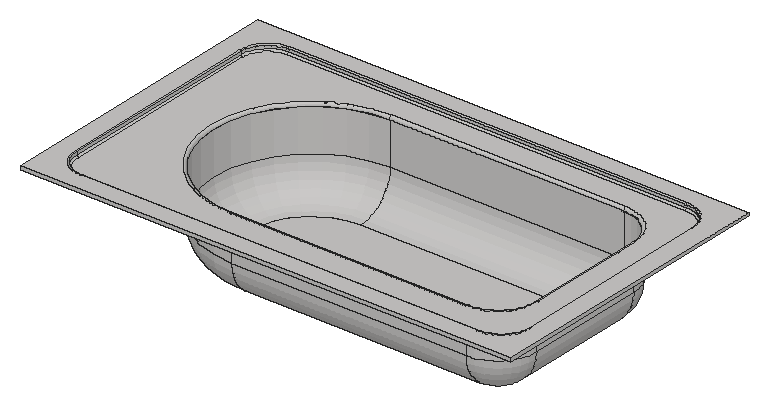
Revit family
Parameters (values of type "915 X 555")
  Waste Connection Radius = Waste Connection Diameter / 2  # 20 mm
  Waste Connection Diameter = 40 mm
  Waste Connection = 1 = 1  # yes
  WFU = 0
  Vent Connection = 1 = 0  # no
  URL = "http://www.autospec.co.za/browse.php?id=1644179282"
  Radius Of Semi_Circular Bowl = Width Of Semi_Circular Bowl / 2  # 182.5 mm
  Product Code = "None"
  OmniClass Title = ""
  OmniClass Number = ""
  Modspec Classification = ""
  Specification = ""
  Location (revit room) = ""
  Material = Stainless Steel Grade 304
  Depth Of Semi_Circular Bowl = 165 mm
  Width Of Semi_Circular Bowl = 365 mm
  Length Of Semi_Circular Bowl = 690 mm
  HW Connection = 1 = 0  # no
  Description = ""
  Width = 555 mm
  Model = "Baby Bath-BBDI"
  Manufacturer = "Kwikot"  # constant formula
  Length = 915 mm
  Colour = none
  CW Connection = 1 = 0  # no
  Body Finish = none
  Assembly Code = "D2010510"
Reference planes
  plane 1 "Center (Front/Back)": y = 0
  plane 2 "Bottom": z = 0
  plane 3 "Center (Left/Right)": x = 0
  plane 4 "Back": y = 555
  plane 5 "Top": z = 165
  plane 6: z = 149
  plane 7 "Right": x = 915
  plane 8: y = 275
  plane 9: x = 825
  plane 10: x = 135
  plane 11: y = 283
  plane 12: y = 465.5
  plane 13: y = 100.5
Forms (mm)
  Sweep 1, solid, material "Stainless Steel Grade 304" <- "Material"
    path origin (-779.234, -1524, 149) x (-1, 0, 0) y (0, -1, 0)
      loop
        line (-1534.234, -1989.5) -> (-1096.734, -1989.5)
        arc (-1096.734, -1989.5) -> (-914.234, -1807) -> (-1096.734, -1624.5) r 182.5
        line (-1096.734, -1624.5) -> (-1534.234, -1624.5)
        arc (-1534.234, -1624.5) -> (-1583.731, -1645.003) -> (-1604.234, -1694.5) r 70
        line (-1604.234, -1694.5) -> (-1604.234, -1919.5)
        arc (-1604.234, -1919.5) -> (-1583.731, -1968.997) -> (-1534.234, -1989.5) r 70
    profile origin (536.25, 465.5, 149) x (0, -1, 0) y (0, 0, 1)
      loop
        line (0, 0) -> (-3, 0) -> (-3, -79)
        arc (-3, -79) -> (17.503, -128.497) -> (67, -149) r 70
        line (67, -149) -> (67, -146)
        arc (67, -146) -> (19.624, -126.376) -> (0, -79) r 67
        line (0, -79) -> (0, 0)
  Extrusion 2, solid, material "Stainless Steel Grade 304" <- "Material"
    sketch origin (0, 0, 0) x (1, 0, 0) y (0, 0, 1)
      loop
        line (0, 165) -> (0, 149) -> (915, 149) -> (915, 165) -> (0, 165)
    from 0 to -555
  Extrusion 3, void
    sketch origin (-779.234, -1524, 165) x (0, -1, 0) y (-1, 0, 0)
      loop
        line (-1989.5, -1096.734) -> (-1989.5, -1534.234)
        arc (-1989.5, -1534.234) -> (-1968.997, -1583.731) -> (-1919.5, -1604.234) r 70
        line (-1919.5, -1604.234) -> (-1694.5, -1604.234)
        arc (-1694.5, -1604.234) -> (-1645.003, -1583.731) -> (-1624.5, -1534.234) r 70
        line (-1624.5, -1534.234) -> (-1624.5, -1096.734)
        arc (-1624.5, -1096.734) -> (-1807, -914.234) -> (-1989.5, -1096.734) r 182.5
    from 0 to 16
  Sweep 4, void
    path origin (-779.234, -1524, 165) x (-1, 0, 0) y (0, -1, 0)
      loop
        line (-1694.234, -2079) -> (-779.234, -2079) -> (-779.234, -1524) -> (-1694.234, -1524) -> (-1694.234, -2079)
    profile origin (457.5, 555, 165) x (0, -1, 0) y (0, 0, 1)
      loop
        line (0, -6) -> (0, -16) -> (16, -16) -> (16, -6) -> (0, -6)
  Extrusion 5, void
    sketch origin (-779.234, -1524, 165) x (0, -1, 0) y (-1, 0, 0)
      loop
        line (-1610, -815.234) -> (-1993, -815.234)
        arc (-1993, -815.234) -> (-2028.355, -829.878) -> (-2043, -865.234) r 50
        line (-2043, -865.234) -> (-2043, -1608.234)
        arc (-2043, -1608.234) -> (-2028.355, -1643.589) -> (-1993, -1658.234) r 50
        line (-1993, -1658.234) -> (-1610, -1658.234)
        arc (-1610, -1658.234) -> (-1574.645, -1643.589) -> (-1560, -1608.234) r 50
        line (-1560, -1608.234) -> (-1560, -865.234)
        arc (-1560, -865.234) -> (-1574.645, -829.878) -> (-1610, -815.234) r 50
    from 0 to 10
  Sweep 6, void
    path origin (-779.234, -1524, 165) x (-1, 0, 0) y (0, -1, 0)
      loop
        arc (-865.234, -2043) -> (-829.878, -2028.355) -> (-815.234, -1993) r 50
        line (-815.234, -1993) -> (-815.234, -1610)
        arc (-815.234, -1610) -> (-829.878, -1574.645) -> (-865.234, -1560) r 50
        line (-865.234, -1560) -> (-1608.234, -1560)
        arc (-1608.234, -1560) -> (-1643.589, -1574.645) -> (-1658.234, -1610) r 50
        line (-1658.234, -1610) -> (-1658.234, -1993)
        arc (-1658.234, -1993) -> (-1643.589, -2028.355) -> (-1608.234, -2043) r 50
        line (-1608.234, -2043) -> (-865.234, -2043)
    profile origin (457.5, 519, 165) x (0, 1, 0) y (0, 0, 1)
      loop
        line (0, 0) -> (0, -2)
        arc (0, -2) -> (0.586, -0.586) -> (2, 0) r 2
        line (2, 0) -> (0, 0)
  Sweep 7, solid, material "Stainless Steel Grade 304" <- "Material"
    path origin (-779.234, -1524, 165) x (-1, 0, 0) y (0, -1, 0)
      loop
        line (-1608.234, -2043) -> (-865.234, -2043)
        arc (-865.234, -2043) -> (-829.878, -2028.355) -> (-815.234, -1993) r 50
        line (-815.234, -1993) -> (-815.234, -1610)
        arc (-815.234, -1610) -> (-829.878, -1574.645) -> (-865.234, -1560) r 50
        line (-865.234, -1560) -> (-1608.234, -1560)
        arc (-1608.234, -1560) -> (-1643.589, -1574.645) -> (-1658.234, -1610) r 50
        line (-1658.234, -1610) -> (-1658.234, -1993)
        arc (-1658.234, -1993) -> (-1643.589, -2028.355) -> (-1608.234, -2043) r 50
    profile origin (457.5, 519, 165) x (0, -1, 0) y (0, 0, 1)
      loop
        line (0, -10) -> (3, -10)
        arc (3, -10) -> (0.879, -9.121) -> (0, -7) r 3
        line (0, -7) -> (0, -10)
  Extrusion 8, solid, material "Stainless Steel Grade 304" <- "Material"
    sketch origin (0, 0, 0) x (1, 0, 0) y (0, 1, 0)
      loop
        circle (690, 283) r 23
      loop
        circle (689.79, 283) r 20
    from 0 to -5
  Sweep 9, void
    path origin (-779.234, -1524, 165) x (-1, 0, 0) y (0, -1, 0)
      loop
        line (-1534.234, -1989.5) -> (-1096.734, -1989.5)
        arc (-1096.734, -1989.5) -> (-914.234, -1807) -> (-1096.734, -1624.5) r 182.5
        line (-1096.734, -1624.5) -> (-1534.234, -1624.5)
        arc (-1534.234, -1624.5) -> (-1583.731, -1645.003) -> (-1604.234, -1694.5) r 70
        line (-1604.234, -1694.5) -> (-1604.234, -1919.5)
        arc (-1604.234, -1919.5) -> (-1583.731, -1968.997) -> (-1534.234, -1989.5) r 70
    profile origin (536.25, 465.5, 165) x (0, -1, 0) y (0, 0, 1)
      loop
        arc (-5, -10) -> (-1.464, -11.464) -> (0, -15) r 5
        line (0, -15) -> (0, -10) -> (-5, -10)
  Extrusion 10, solid, material "Stainless Steel Grade 304" <- "Material"
    sketch origin (0, 0, 0) x (1, 0, 0) y (0, 1, 0)
      loop
        arc (317.5, 398.5) -> (202, 283) -> (317.5, 167.5) r 115.5
        line (317.5, 167.5) -> (755, 167.5)
        arc (755, 167.5) -> (757.121, 168.379) -> (758, 170.5) r 3
        line (758, 170.5) -> (758, 395.5)
        arc (758, 395.5) -> (757.121, 397.621) -> (755, 398.5) r 3
        line (755, 398.5) -> (317.5, 398.5)
      loop
        circle (689.79, 283) r 20
    from 0 to 3
Cuts and joins
  Sweep 4, Sweep 9 cuts Sweep 1
  Extrusion 3, Sweep 4, Extrusion 5, Sweep 6, Sweep 9 cuts Extrusion 2
  Sweep 9 cuts Sweep 7
  joined: Sweep 1, Extrusion 2, Sweep 7, Extrusion 10
Lines and regions (mm)
  symbolic lines
    curve 1: line (0, 555, 165) -> (0, 0, 165)
    curve 2: line (915, 555, 165) -> (0, 555, 165)
    curve 3: line (915, 0, 165) -> (915, 555, 165)
    curve 4: line (0, 0, 165) -> (915, 0, 165)
    curve 5: line (16, 16, 165) -> (16, 539, 165)
    curve 6: line (899, 16, 165) -> (16, 16, 165)
    curve 7: line (899, 539, 165) -> (899, 16, 165)
    curve 8: line (16, 539, 165) -> (899, 539, 165)
    curve 9: line (86, 36, 165) -> (829, 36, 165)
    curve 10: line (36, 469, 165) -> (36, 86, 165)
    curve 11: line (829, 519, 165) -> (86, 519, 165)
    curve 12: line (879, 86, 165) -> (879, 469, 165)
    curve 13: arc (36, 469, 165) -> (50.645, 504.355, 165) -> (86, 519, 165) r 50
    curve 14: arc (86, 36, 165) -> (50.645, 50.645, 165) -> (36, 86, 165) r 50
    curve 15: arc (829, 36, 165) -> (864.355, 50.645, 165) -> (879, 86, 165) r 50
    curve 16: arc (879, 469, 165) -> (864.355, 504.355, 165) -> (829, 519, 165) r 50
  symbolic lines, detail levels fine
    curve 17: arc (710, 283, 165) -> (690, 263, 165) -> (670, 283, 165) r 20
    curve 18: arc (670, 283, 165) -> (690, 303, 165) -> (710, 283, 165) r 20
  symbolic lines, style "SpecialityEquipment"
    curve 19: line (755, 465.5, 165) -> (317.5, 465.5, 165)
    curve 20: arc (317.5, 100.5, 165) -> (135, 283, 165) -> (317.5, 465.5, 165) r 182.5
    curve 21: line (317.5, 100.5, 165) -> (755, 100.5, 165)
    curve 22: arc (825, 170.5, 165) -> (804.497, 121.003, 165) -> (755, 100.5, 165) r 70
    curve 23: line (825, 170.5, 165) -> (825, 395.5, 165)
    curve 24: arc (755, 465.5, 165) -> (804.497, 444.997, 165) -> (825, 395.5, 165) r 70
Dimensions and locks
  "Width": plane 4 "Back" to plane 1 "Center (Front/Back)"
  plane 5 "Top" to plane 6 = 16 mm
  "Depth Of Semi_Circular Bowl": plane 5 "Top" to plane 2 "Bottom"
  "Length": plane 3 "Center (Left/Right)" to plane 7 "Right"
  curve 12 to curve 7 = 20 mm
  curve 8 to curve 11 = 20 mm
  curve 6 to curve 9 = 20 mm
  curve 5 to curve 10 = 20 mm
  "Length Of Semi_Circular Bowl": plane 10 to plane 9
  plane 9 to plane 7 "Right" = 90 mm
  "Width Of Semi_Circular Bowl": plane 12 to plane 13
  equal spacing: plane 12, plane 11, plane 13
  "Radius Of Semi_Circular Bowl": plane 10 to Extrusion 3 sketch curve
  plane 3 "Center (Left/Right)" to Extrusion 10 sketch curve = 689.79 mm
  plane 4 "Back" to plane 11 = 272 mm
  aligned and locked: level to plane 2 "Bottom"
  aligned and locked: Sweep 1 sketch curve to profile plane  (x2)
  aligned and locked: Extrusion 2 sketch curve to plane 5 "Top"
  aligned and locked: plane 3 "Center (Left/Right)" to Extrusion 2 sketch curve
  aligned and locked: plane 6 to Extrusion 2 sketch curve
  aligned and locked: plane 7 "Right" to Extrusion 2 sketch curve
  aligned and locked: plane 1 "Center (Front/Back)" to Extrusion 2
  aligned and locked: plane 4 "Back" to Extrusion 2
  aligned and locked: Sweep 1 sketch curve to cut or joined group of Sweep 1, Extrusion 2, Extrusion 3, Sweep 4, Extrusion 5, Sweep 6, Sweep 7, Sweep 9, Extrusion 10  (x3)
  aligned and locked: Sweep 4 sketch curve to cut or joined group of Sweep 1, Extrusion 2, Extrusion 3, Sweep 4, Extrusion 5, Sweep 6, Sweep 7, Sweep 9, Extrusion 10  (x4)
  aligned and locked: plane 4 "Back" to Sweep 4 sketch curve
  aligned and locked: plane 6 to Sweep 4 sketch curve
  aligned and locked: Sweep 6 sketch curve to cut or joined group of Sweep 1, Extrusion 2, Extrusion 3, Sweep 4, Extrusion 5, Sweep 6, Sweep 7, Sweep 9, Extrusion 10  (x4)
  aligned and locked: profile plane to Sweep 6 sketch curve
  aligned and locked: cut or joined group of Sweep 1, Extrusion 2, Extrusion 3, Sweep 4, Extrusion 5, Sweep 6, Sweep 7, Sweep 9, Extrusion 10 to Sweep 6 sketch curve
  aligned and locked: Sweep 7 sketch curve to cut or joined group of Sweep 1, Extrusion 2, Extrusion 3, Sweep 4, Extrusion 5, Sweep 6, Sweep 7, Sweep 9, Extrusion 10  (x5)
  aligned and locked: profile plane to Sweep 7 sketch curve
  aligned and locked: curve 1 to cut or joined group of Sweep 1, Extrusion 2, Extrusion 3, Sweep 4, Extrusion 5, Sweep 6, Sweep 7, Sweep 9, Extrusion 10
  aligned and locked: curve 2 to cut or joined group of Sweep 1, Extrusion 2, Extrusion 3, Sweep 4, Extrusion 5, Sweep 6, Sweep 7, Sweep 9, Extrusion 10
  aligned and locked: curve 3 to cut or joined group of Sweep 1, Extrusion 2, Extrusion 3, Sweep 4, Extrusion 5, Sweep 6, Sweep 7, Sweep 9, Extrusion 10
  aligned and locked: curve 4 to cut or joined group of Sweep 1, Extrusion 2, Extrusion 3, Sweep 4, Extrusion 5, Sweep 6, Sweep 7, Sweep 9, Extrusion 10
  aligned and locked: curve 5 to cut or joined group of Sweep 1, Extrusion 2, Extrusion 3, Sweep 4, Extrusion 5, Sweep 6, Sweep 7, Sweep 9, Extrusion 10
  aligned and locked: curve 6 to cut or joined group of Sweep 1, Extrusion 2, Extrusion 3, Sweep 4, Extrusion 5, Sweep 6, Sweep 7, Sweep 9, Extrusion 10
  aligned and locked: curve 7 to cut or joined group of Sweep 1, Extrusion 2, Extrusion 3, Sweep 4, Extrusion 5, Sweep 6, Sweep 7, Sweep 9, Extrusion 10
  aligned and locked: curve 8 to cut or joined group of Sweep 1, Extrusion 2, Extrusion 3, Sweep 4, Extrusion 5, Sweep 6, Sweep 7, Sweep 9, Extrusion 10
  aligned and locked: plane 9 to Extrusion 3 sketch curve
  aligned and locked: Extrusion 3 sketch curve to plane 12
  aligned and locked: plane 13 to Extrusion 3 sketch curve
  aligned and locked: curve 20 to cut or joined group of Sweep 1, Extrusion 2, Extrusion 3, Sweep 4, Extrusion 5, Sweep 6, Sweep 7, Sweep 9, Extrusion 10
  aligned and locked: curve 22 to cut or joined group of Sweep 1, Extrusion 2, Extrusion 3, Sweep 4, Extrusion 5, Sweep 6, Sweep 7, Sweep 9, Extrusion 10
  aligned and locked: curve 24 to cut or joined group of Sweep 1, Extrusion 2, Extrusion 3, Sweep 4, Extrusion 5, Sweep 6, Sweep 7, Sweep 9, Extrusion 10
  aligned and locked: Sweep 9 sketch curve to cut or joined group of Sweep 1, Extrusion 2, Extrusion 3, Sweep 4, Extrusion 5, Sweep 6, Sweep 7, Sweep 9, Extrusion 10  (x3)
  aligned and locked: cut or joined group of Sweep 1, Extrusion 2, Extrusion 3, Sweep 4, Extrusion 5, Sweep 6, Sweep 7, Sweep 9, Extrusion 10 to Sweep 9 sketch curve
  aligned and locked: profile plane to Sweep 9 sketch curve
  aligned and locked: level to Sweep 1 sketch curve
  aligned and locked: Extrusion 10 sketch curve to cut or joined group of Sweep 1, Extrusion 2, Extrusion 3, Sweep 4, Extrusion 5, Sweep 6, Sweep 7, Sweep 9, Extrusion 10  (x3)
  aligned and locked: plane 11 to Extrusion 10 sketch curve
  aligned and locked: Extrusion 8 sketch curve to Extrusion 10  (x2)
Automatic sketch dimensions
  Extrusion 3 sketch curve to Extrusion 3 sketch curve = 70 mm  (x2)
  Sweep 4 sketch curve to profile plane = 16 mm
  Sweep 4 sketch curve to plane 5 "Top" = 6 mm
  Extrusion 5 sketch curve to plane 4 "Back" = 36 mm
  plane 7 "Right" to Extrusion 5 sketch curve = 36 mm
  Extrusion 5 sketch curve to Extrusion 5 sketch curve = 50 mm  (x2)
  plane 3 "Center (Left/Right)" to Extrusion 5 sketch curve = 36 mm
  Extrusion 5 sketch curve to plane 1 "Center (Front/Back)" = 86 mm  (x2)
  Extrusion 5 sketch curve to plane 1 "Center (Front/Back)" = 36 mm
  Sweep 6 sketch curve to plane 5 "Top" = 2 mm
  Sweep 6 sketch curve to Sweep 6 sketch curve = 2 mm
  Sweep 6 sketch curve to Sweep 6 sketch curve = 0 mm
  Sweep 6 sketch curve to plane 5 "Top" = 0 mm
  Sweep 6 sketch curve to profile plane = 0 mm
  Sweep 7 sketch curve to profile plane = 3 mm
  Sweep 7 sketch curve to Sweep 7 sketch curve = 3 mm
  Sweep 7 sketch curve to plane 5 "Top" = 7 mm
  Sweep 7 sketch curve to profile plane = 0 mm
  Sweep 7 sketch curve to Sweep 7 sketch curve = 0 mm
  plane 1 "Center (Front/Back)" to curve 4 = 0 mm
  curve 4 to plane 7 "Right" = 0 mm
  curve 2 to plane 3 "Center (Left/Right)" = 0 mm
  curve 3 to plane 4 "Back" = 0 mm
  curve 15 to curve 15 = 50 mm
  curve 9 to curve 5 = 70 mm
  curve 11 to curve 5 = 70 mm
  curve 16 to curve 11 = 50 mm
  Sweep 9 sketch curve to Sweep 9 sketch curve = 5 mm  (x3)
  Sweep 9 sketch curve to profile plane = 0 mm
  Sweep 9 sketch curve to Sweep 9 sketch curve = 0 mm
  curve 8 to plane 4 "Back" = 16 mm
  Sweep 1 sketch curve to Sweep 1 sketch curve = 0 mm
  profile plane to Sweep 1 sketch curve = 3 mm
  Sweep 1 sketch curve to Sweep 1 sketch curve = 67 mm
  Extrusion 8 sketch curve to plane 11 = 0 mm
  plane 9 to Extrusion 8 sketch curve = 158 mm
  curve 17 to curve 18 = 0 mm  (x2)
  curve 17 to plane 11 = 0 mm
  plane 9 to curve 17 = 115 mm
  curve 17 to curve 18 = 20 mm
  Extrusion 8 sketch curve to Extrusion 8 sketch curve = 23 mm
  radius of Extrusion 10 sketch curve = 20 mm
Connectors
  piping at (690, 283, -5), driven by "Waste Connection Radius", driven by "WFU"
    settings: on Extrusion 8, index 1, connector radius 20 mm, flow factor 0, pipe flow 0.0 L/s, pressure drop 0.0 Pa, fitting loss kfactor 0, connector angle 0.00°, fixture units 0, flow configuration 3, flow direction 2, fitting loss method 0, system type 16, connector reference index -1, connector utility 0, adjustable connector no, is connector primary yes, fitting loss table "", connector description "Waste Connection"
